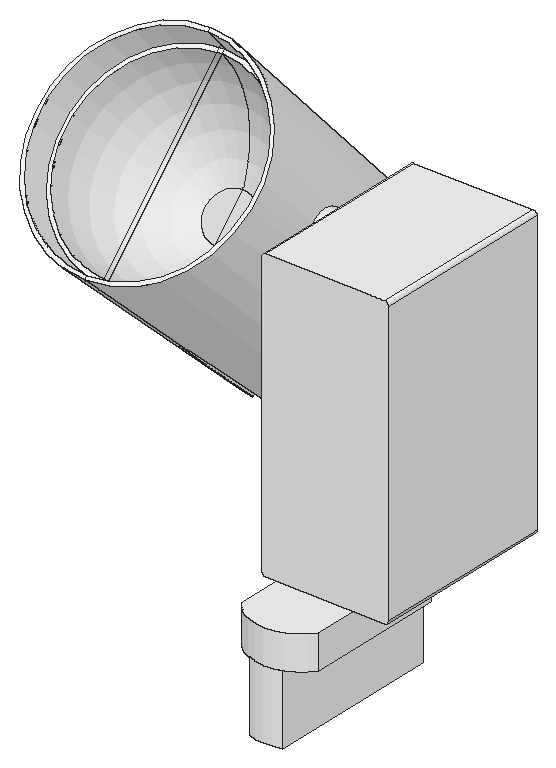
Revit family "0004813 Feilo Sylvania Lighting Fixture START TRACK SPOT S 14W 3K RA80 WB WHITE", category Lighting Fixtures, host Face, Revit 2017
Family settings
  Host = Face
  Round Connector Dimension = Use Diameter
  Part Type = Normal
  OmniClass Number = 23.80.70.00
  OmniClass Title = Lighting
  Cut with Voids When Loaded = No
  Light Source = No
  Shared = No
  Room Calculation Point = No
Parameters (values of type "0004813 START TRACK SPOT S 14W 3K RA80 WB WHITE")
  Weight = "0.94 kg"
  Wattage Comments = ""
  WarrantyStartDate [instance] = "n/a"
  WarrantyGuarantorParts = "n/a"
  WarrantyDurationUnit = "n/a"
  WarrantyDurationParts = "n/a"
  WarrantyDescription = "n/a"
  Voltage = 230 V
  URL = "http://www.sylvania-lighting.com"
  TypeName = "START TRACK SPOT S 14W 3K RA80 WB WHITE"
  TypeHead_FEILO = Start Track Spot Head : 0004813 START TRACK SPOT S 14W 3K RA80 WB WHITE
  TypeBox_FEILO = Start Track Spot Box : Type Small White
  Type Image = <None>
  Type Comments = "n/a"
  VerticalRotation_FEILO [instance] = 0.00°
  SlideEndAngle_FEILO [instance] = VerticalRotation_FEILO + 180.00°  # 180.00°
  SerialNumber [instance] = "n/a"
  Material_3_FEILO = none
  PowerFactor = 0.92
  PowerConsumption = "14 W"
  NominalLength = 0 mm
  NominalHeight = 200 mm
  NominalDepth = 140 mm
  Name = "START TRACK SPOT S 14W 3K RA80 WB WHITE"
  ModelReference = Name  # "START TRACK SPOT S 14W 3K RA80 WB WHITE"
  ModelNumber = "0004813"
  Model = Name  # "START TRACK SPOT S 14W 3K RA80 WB WHITE"
  Material = "adc12 aluminium housing, polycarbonate diffuser"
  ManufacturerName = "Feilo Sylvania"
  Manufacturer = "Feilo Sylvania"
  LuminousEfficacy = "107 lm/W"
  LuminaireType = ""
  LightOutputRatio = "100"
  LampsType = Lamp  # "LED"
  LampNominalLuminous = "1498 lm"
  LampMacAdamStep = "3"
  LampColourTemperature = "3000 K"
  LampColourRenderingIndex = "80"
  Lamp = "LED"
  Keynote = "16500"
  InstallationDate [instance] = "n/a"
  InputVoltage = "230-240V~"
  InputNominalFrequency = "50/60 Hz"
  IngressProtection = "IP20"
  ImpactProtectionIndex = "IK02"
  IfcExportType = "IfcLightFixtureType"
  IfcExportAs = "IfcLightFixtureType"
  HorizontalRotation_FEILO [instance] = 45.00°
  ExpectedLife = 50000
  ElectricShockClassification = "Class II"
  DurationUnit = "hours"
  DocumentationLiterature = "http://www.sylvania-lighting.com/product/en-int/products/0004813"
  DimmingControlOptions = "Non dimmable"
  Material_2_FEILO = none
  Description = "Integrated LED spotlight, Textured White - RAL9016, compact and minimalist design, ideal for retail applications, die-cast aluminium body, passive cooling heatsink. Beam angle: 64°, color temperature: 3000K , total system power: 14W, total fixture output: 1498 lm, LOR: 100%, colour rendering: Ra: 80 typical, LED Chromaticity: 3 step MacAdam ellipse, lifetime: >50000 hours at L70B50, energy class: A++, A+, A, IR/UV free light source without heat radiation, operating voltage: 220-240V / 50-60Hz, drive current: 350mA, electronic driver, non-dimmable, power factor: 0.92, electrical protection: Class II, Global Track 3 Phase adapter suitable for Global trac 3-circuit tracks, ingress protection rating: IP20, suitable for internal environment only, horizontal rotation: 355°, vertical tilt: 90°, dimensions: Ø86x140x200, weight: 0.940kg."
  Default Elevation = 1219.2 mm
  CreatedOn = "12/12/2017"
  CreatedBy = ""
  Cost = 0
  built-in parameter 1114216 [instance] = (empty or 0)
  ClassificationValue = "EF_70_80"
  ClassificationName = "Uniclass2015"
  Material_1_FEILO = Body-Sylvania-StartTrackSpot-White
  BarCode [instance] = "n/a"
  AssetType = "Fixed"
  AssetIdentifier [instance] = "n/a"
  Assembly Code = "D5020200"
  Apparent Load = 14 VA
  Material_4_FEILO = none
Reference planes
  plane 1 "Center (Front/Back)": y = 0
  plane 2: z = 0
  plane 3 "Center (Left/Right)": x = 0
  plane 4: x = 15
  plane 5: x = -15
  plane 6: y = 35
  plane 7: y = -35
  plane 8: z = 13
  plane 9: z = -27
  plane 10: x = 6.5
  plane 11: x = -6.5
  plane 12: y = 27
  plane 13: y = -27
  plane 14: y = 20
Forms (mm)
  Extrusion 1, solid, material "Body-Sylvania-StartTrackSpot-White" <- "Material_1_FEILO"
    sketch origin (0, 0, 0) x (1, 0, 0) y (0, 1, 0)
      loop
        line (-15, 27) -> (-15, -27)
        arc (-15, -27) -> (0, -35) -> (15, -27) r 18.062
        line (15, -27) -> (15, 27)
        arc (15, 27) -> (0, 35) -> (-15, 27) r 18.062
    from 0 to 13
  Extrusion 2, solid, material "Body-Sylvania-StartTrackSpot-White" <- "Material_1_FEILO"
    sketch origin (0, 0, 0) x (1, 0, 0) y (0, 1, 0)
      loop
        arc (6.5, 33.79) -> (0, 35) -> (-6.5, 33.79) r 18.062
        line (-6.5, 33.79) -> (-6.5, -33.79)
        arc (-6.5, -33.79) -> (0, -35) -> (6.5, -33.79) r 18.062
        line (6.5, -33.79) -> (6.5, 33.79)
    from 0 to -27
  Revolve 3, solid, not visible
    sketch origin (1524, 20, 1219.2) x (1, 0, 0) y (0, 0, 1)
      loop
        line (-1524, -1206.2) -> (-1524, -1191.285) -> (-1530.5, -1191.285) -> (-1530.5, -1206.2) -> (-1524, -1206.2)
      axis (-1524, -1191.285) -> (-1524, -1206.2)
    angle from 0 <- "VerticalRotation_FEILO" to 180 <- "SlideEndAngle_FEILO"
Cuts and joins
  joined: Extrusion 1, Extrusion 2
Dimensions and locks
  equal spacing: plane 10, plane 3 "Center (Left/Right)", plane 11
  equal spacing: plane 4, plane 3 "Center (Left/Right)", plane 5
  locked: plane 8 to plane 2 at 13
  locked: plane 8 to plane 9 at 40
  equal spacing: plane 13, plane 1 "Center (Front/Back)", plane 12
  locked: plane 12 to plane 6 at 8
  locked: plane 14 to plane 6 at 15
  locked: Revolve 3 sketch curve to plane 8 at 14.915
  aligned and locked: plane 2 to host face
  aligned and locked: level to host face
  aligned and locked: plane 5 to Extrusion 1 sketch curve  (x2)
  aligned and locked: plane 12 to Extrusion 1 sketch curve
  aligned and locked: plane 13 to Extrusion 1 sketch curve
  aligned and locked: plane 4 to Extrusion 1 sketch curve
  aligned and locked: Extrusion 1 to plane 8
  aligned and locked: Extrusion 1 to level
  aligned and locked: Extrusion 2 sketch curve to Extrusion 1  (x2)
  aligned and locked: Extrusion 2 sketch curve to plane 11
  aligned and locked: plane 10 to Extrusion 2 sketch curve
  aligned and locked: plane 9 to Extrusion 2
  aligned and locked: level to Extrusion 2
  aligned and locked: Revolve 3 sketch curve to plane 3 "Center (Left/Right)"  (x2)
  aligned and locked: plane 11 to Revolve 3 sketch curve
  aligned and locked: Revolve 3 sketch curve to plane 8
Automatic sketch dimensions
  host sketch curve to host sketch curve = 2438.4 mm  (x2)
  Extrusion 1 sketch curve to plane 3 "Center (Left/Right)" = 0 mm  (x2)
  Extrusion 1 sketch curve to plane 13 = 10.062 mm
  plane 12 to Extrusion 1 sketch curve = 10.062 mm
  Revolve 3 sketch curve to plane 3 "Center (Left/Right)" = 0 mm
  plane 9 to Revolve 3 sketch curve = 582.6 mm
  Revolve 3 sketch curve to Revolve 3 sketch curve = 2581.144 mm
Nested families
  nested 1: "Start Track Spot Head" at (-62, 20, 112.529) x (0, 0.7071, 0.7071) z (0, 0.7071, -0.7071), type <- "TypeHead_FEILO", type "0004813 START TRACK SPOT S 14W 3K RA80 WB WHITE"
    with built-in parameter 1114216 (empty or 0)
  nested 2: "Start Track Spot Box" at (8.5, 20, 73) x (-1, 0, 0) z (0, -1, 0), BoxStartAngle_FEILO <- "HorizontalRotation_FEILO", type <- "TypeBox_FEILO", type "Type Small White"
    with BoxStartAngle_FEILO 45.00°, BoxEndAngle_FEILO -135.00°
Connectors
  electrical at (0, 0, 0), driven by "Apparent Load", driven by "PowerFactor", driven by "Voltage"
    settings: index 1, voltage 230 V, apparent load 14 VA, apparent load phase1 0 VA, apparent load phase2 0 VA, apparent load phase3 0 VA, power factor 0.92, load classification "Lighting", number of poles 1, system type 30, power factor state 1, is connector primary yes, connector utility no, sub classification motor no, connector description ""
Definition of nested family "Start Track Spot Head"
  Parameters (values of type "0004811 START TRACK SPOT S 14W 3K RA80 NB WHITE")
    Wattage Comments = "n/a"
    Wattage = 14 W
    built-in parameter 1150110 = 1 (stored number, unit not read)
    URL = "http://www.feilosylvania.com"
    Type Image = (empty or 0)
    Type Comments = "n/a"
    built-in parameter 1114217 = 1 (stored number, unit not read)
    Tilt Angle = -90.00°
    built-in parameter 1150109 = 1 (stored number, unit not read)
    built-in parameter 1150134 = (empty or 0)
    built-in parameter 1150113 = 1 (stored number, unit not read)
    Photometric Web File = "0004811.ies"
    Material_3_FEILO = none
    Model = "START TRACK SPOT S 14W 3K RA80 NB WHITE"
    Manufacturer = "Feilo Sylvania"
    built-in parameter 1150105 = 123.66 (stored number, unit not read)
    Lumens = 1554 lm
    built-in parameter 1150115 = 1 (stored number, unit not read)
    built-in parameter 1150137 = (empty or 0)
    built-in parameter 1150139 = (empty or 0)
    built-in parameter 1150112 = 1 (stored number, unit not read)
    built-in parameter 1150114 = 1 (stored number, unit not read)
    Lamp = "LED"
    Keynote = "16500"
    Material_2_FEILO = none
    built-in parameter 1150132 = (empty or 0)
    built-in parameter 1150102 = (empty or 0)
    built-in parameter 1150107 = 3000 (stored number, unit not read)
    built-in parameter 1150138 = (empty or 0)
    built-in parameter 1150106 = 1.2366 (stored number, unit not read)
    HeadThickness_FEILO = if(HeadDiaOut_FEILO > 112 mm, 2 mm, 1.5 mm)  # 1.5 mm
    HeadRibOffset_FEILO = HeadHeight_FEILO / 28  # 4.179 mm
    HeadRibDepth_FEILO = HeadHeight_FEILO / 2.1  # 55.714 mm
    HeadRibCutWidth_FEILO = HeadDiaOut_FEILO / 12  # 7.167 mm
    HeadRibCutOffset_FEILO = HeadHeight_FEILO / 2.3  # 50.87 mm
    HeadReflectorRadius_FEILO = HeadDiaOut_FEILO / 1.7  # 50.588 mm
    HeadReflectorOffset_FEILO = HeadHeight_FEILO / 2.1  # 55.714 mm
    HeadLEDRadius_FEILO = HeadDiaOut_FEILO / 9  # 9.556 mm
    HeadHeight_FEILO = 117 mm
    HeadDraft_FEILO = 1 mm
    HeadDiffusorThickness_FEILO = 3 mm
    HeadDiffusorOffset_FEILO = HeadHeight_FEILO / 12.4  # 9.435 mm
    HeadDiaOut_FEILO = 86 mm
    HeadDiaIn_FEILO = HeadDiaOut_FEILO / 1.11  # 77.477 mm
    HeadAxisFromTop_FEILO = HeadHeight_FEILO / 1.687  # 69.354 mm
    Emit from Circle Diameter = HeadDiaIn_FEILO  # 77.477 mm
    Emit Shape Visible in Rendering = no
    built-in parameter 1150104 = 10.312 (stored number, unit not read)
    Dimming Lamp Color Temperature Shift = (empty or 0)
    Description = "Integrated LED spotlight, Textured White - RAL9016, compact and minimalist design, ideal for retail applications, die-cast aluminium body, passive cooling heatsink. Beam angle: 12°, color temperature: 3000K , total system power: 14W, total fixture output: 1551 lm, LOR: 100%, colour rendering: Ra: 80 typical, LED Chromaticity: 3 step MacAdam ellipse, lifetime: >50000 hours at L70B50, energy class: A++, A+, A, IR/UV free light source without heat radiation, operating voltage: 220-240V / 50-60Hz, drive current: 350mA, electronic driver, non-dimmable, power factor: 0.92, electrical protection: Class II, Global Track 3 Phase adapter suitable for Global trac 3-circuit tracks, ingress protection rating: IP20, suitable for internal environment only, horizontal rotation: 355°, vertical tilt: 90°, dimensions: Ø86x140x200, weight: 0.940kg."
    Default Elevation = 1219.2 mm
    Cost = 0
    Color Filter = 16777215
    built-in parameter 1114216 [instance] = (empty or 0)
    Material_1_FEILO = none
    built-in parameter 1114218 = 1 (stored number, unit not read)
    built-in parameter 1150133 = 10 (stored number, unit not read)
    Assembly Code = "D5020200"
    Apparent Load = 14 VA
    Material_4_FEILO = none
  Types (96, lengths in mm): name | Wattage | built-in parameter 1150134 | Photometric Web File | Model | built-in parameter 1150105 | Lumens | built-in parameter 1150107 | built-in parameter 1150106 | HeadThickness_FEILO | HeadRibOffset_FEILO | HeadRibDepth_FEILO | HeadRibCutWidth_FEILO | HeadRibCutOffset_FEILO | HeadReflectorRadius_FEILO | HeadReflectorOffset_FEILO | HeadLEDRadius_FEILO | HeadHeight_FEILO | HeadDiffusorOffset_FEILO | HeadDiaOut_FEILO | HeadDiaIn_FEILO | HeadAxisFromTop_FEILO | Emit from Circle Diameter | built-in parameter 1150104 | Description | Apparent Load
    0004906 START TRACK SPOT L 55W 4K RA90 WB BLACK | 55 W | 12 | "0004906.ies" | "START TRACK SPOT L 55W 4K RA90 WB BLACK" | 385.15 (stored number, unit not read) | 4840 lm | 4000 (stored number, unit not read) | 3.8515 (stored number, unit not read) | 2 | 4.429 | 59.048 | 9.417 | 53.913 | 66.471 | 59.048 | 12.556 | 124 | 10 | 113 | 101.802 | 73.503 | 101.802 | 8.1755 (stored number, unit not read) | "Integrated LED spotlight, Textured Black - RAL9005, compact and minimalist design, ideal for retail applications, die-cast aluminium body, passive cooling heatsink. Beam angle: 52°, color temperature: 4000K , total system power: 55W, total fixture output: 4824 lm, LOR: 100%, colour rendering: Ra: 90 typical, LED Chromaticity: 3 step MacAdam ellipse, lifetime: >50000 hours at L70B50, energy class: A++, A+, A, IR/UV free light source without heat radiation, operating voltage: 220-240V / 50-60Hz, drive current: 1400mA, electronic driver, non-dimmable, power factor: 0.96, electrical protection: Class II, Global Track 3 Phase adapter suitable for Global trac 3-circuit tracks, ingress protection rating: IP20, suitable for internal environment only, horizontal rotation: 355°, vertical tilt: 90°, dimensions: Ø113x164x240, weight: 1.398kg." | 55 VA
    0004905 START TRACK SPOT L 55W 4K RA90 MB BLACK | 55 W | 12 | "0004905.ies" | "START TRACK SPOT L 55W 4K RA90 MB BLACK" | 389.53 (stored number, unit not read) | 4895 lm | 4000 (stored number, unit not read) | 3.8953 (stored number, unit not read) | 2 | 4.429 | 59.048 | 9.417 | 53.913 | 66.471 | 59.048 | 12.556 | 124 | 10 | 113 | 101.802 | 73.503 | 101.802 | 8.2684 (stored number, unit not read) | "Integrated LED spotlight, Textured Black - RAL9005, compact and minimalist design, ideal for retail applications, die-cast aluminium body, passive cooling heatsink. Beam angle: 38°, color temperature: 4000K , total system power: 55W, total fixture output: 4897 lm, LOR: 100%, colour rendering: Ra: 90 typical, LED Chromaticity: 3 step MacAdam ellipse, lifetime: >50000 hours at L70B50, energy class: A++, A+, A, IR/UV free light source without heat radiation, operating voltage: 220-240V / 50-60Hz, drive current: 1400mA, electronic driver, non-dimmable, power factor: 0.96, electrical protection: Class II, Global Track 3 Phase adapter suitable for Global trac 3-circuit tracks, ingress protection rating: IP20, suitable for internal environment only, horizontal rotation: 355°, vertical tilt: 90°, dimensions: Ø113x164x240, weight: 1.398kg." | 55 VA
    0004904 START TRACK SPOT L 55W 4K RA90 NB BLACK | 55 W | 12 | "0004904.ies" | "START TRACK SPOT L 55W 4K RA90 NB BLACK" | 393.91 (stored number, unit not read) | 4950 lm | 4000 (stored number, unit not read) | 3.9391 (stored number, unit not read) | 2 | 4.429 | 59.048 | 9.417 | 53.913 | 66.471 | 59.048 | 12.556 | 124 | 10 | 113 | 101.802 | 73.503 | 101.802 | 8.3613 (stored number, unit not read) | "Integrated LED spotlight, Textured Black - RAL9005, compact and minimalist design, ideal for retail applications, die-cast aluminium body, passive cooling heatsink. Beam angle: 15°, color temperature: 4000K , total system power: 55W, total fixture output: 4965 lm, LOR: 100%, colour rendering: Ra: 90 typical, LED Chromaticity: 3 step MacAdam ellipse, lifetime: >50000 hours at L70B50, energy class: A++, A+, A, IR/UV free light source without heat radiation, operating voltage: 220-240V / 50-60Hz, drive current: 1400mA, electronic driver, non-dimmable, power factor: 0.96, electrical protection: Class II, Global Track 3 Phase adapter suitable for Global trac 3-circuit tracks, ingress protection rating: IP20, suitable for internal environment only, horizontal rotation: 355°, vertical tilt: 90°, dimensions: Ø113x164x240, weight: 1.398kg." | 55 VA
    0004903 START TRACK SPOT L 35W 4K RA90 WB BLACK | 35 W | 12 | "0004903.ies" | "START TRACK SPOT L 35W 4K RA90 WB BLACK" | 284.09 (stored number, unit not read) | 3570 lm | 4000 (stored number, unit not read) | 2.8409 (stored number, unit not read) | 2 | 4.429 | 59.048 | 9.417 | 53.913 | 66.471 | 59.048 | 12.556 | 124 | 10 | 113 | 101.802 | 73.503 | 101.802 | 9.4761 (stored number, unit not read) | "Integrated LED spotlight, Textured Black - RAL9005, compact and minimalist design, ideal for retail applications, die-cast aluminium body, passive cooling heatsink. Beam angle: 52°, color temperature: 4000K , total system power: 35W, total fixture output: 3562 lm, LOR: 100%, colour rendering: Ra: 90 typical, LED Chromaticity: 3 step MacAdam ellipse, lifetime: >50000 hours at L70B50, energy class: A++, A+, A, IR/UV free light source without heat radiation, operating voltage: 220-240V / 50-60Hz, drive current: 900mA, electronic driver, non-dimmable, power factor: 0.93, electrical protection: Class II, Global Track 3 Phase adapter suitable for Global trac 3-circuit tracks, ingress protection rating: IP20, suitable for internal environment only, horizontal rotation: 355°, vertical tilt: 90°, dimensions: Ø113x164x240, weight: 1.368kg." | 35 VA
    0004902 START TRACK SPOT L 35W 4K RA90 MB BLACK | 35 W | 12 | "0004902.ies" | "START TRACK SPOT L 35W 4K RA90 MB BLACK" | 286.88 (stored number, unit not read) | 3605 lm | 4000 (stored number, unit not read) | 2.8688 (stored number, unit not read) | 2 | 4.429 | 59.048 | 9.417 | 53.913 | 66.471 | 59.048 | 12.556 | 124 | 10 | 113 | 101.802 | 73.503 | 101.802 | 9.569 (stored number, unit not read) | "Integrated LED spotlight, Textured Black - RAL9005, compact and minimalist design, ideal for retail applications, die-cast aluminium body, passive cooling heatsink. Beam angle: 38°, color temperature: 4000K , total system power: 35W, total fixture output: 3616 lm, LOR: 100%, colour rendering: Ra: 90 typical, LED Chromaticity: 3 step MacAdam ellipse, lifetime: >50000 hours at L70B50, energy class: A++, A+, A, IR/UV free light source without heat radiation, operating voltage: 220-240V / 50-60Hz, drive current: 900mA, electronic driver, non-dimmable, power factor: 0.93, electrical protection: Class II, Global Track 3 Phase adapter suitable for Global trac 3-circuit tracks, ingress protection rating: IP20, suitable for internal environment only, horizontal rotation: 355°, vertical tilt: 90°, dimensions: Ø113x164x240, weight: 1.368kg." | 35 VA
    0004901 START TRACK SPOT L 35W 4K RA90 NB BLACK | 35 W | 12 | "0004901.ies" | "START TRACK SPOT L 35W 4K RA90 NB BLACK" | 286.88 (stored number, unit not read) | 3605 lm | 4000 (stored number, unit not read) | 2.8688 (stored number, unit not read) | 2 | 4.429 | 59.048 | 9.417 | 53.913 | 66.471 | 59.048 | 12.556 | 124 | 10 | 113 | 101.802 | 73.503 | 101.802 | 9.569 (stored number, unit not read) | "Integrated LED spotlight, Textured Black - RAL9005, compact and minimalist design, ideal for retail applications, die-cast aluminium body, passive cooling heatsink. Beam angle: 15°, color temperature: 4000K , total system power: 35W, total fixture output: 3593 lm, LOR: 100%, colour rendering: Ra: 90 typical, LED Chromaticity: 3 step MacAdam ellipse, lifetime: >50000 hours at L70B50, energy class: A++, A+, A, IR/UV free light source without heat radiation, operating voltage: 220-240V / 50-60Hz, drive current: 900mA, electronic driver, non-dimmable, power factor: 0.93, electrical protection: Class II, Global Track 3 Phase adapter suitable for Global trac 3-circuit tracks, ingress protection rating: IP20, suitable for internal environment only, horizontal rotation: 355°, vertical tilt: 90°, dimensions: Ø113x164x240, weight: 1.368kg." | 35 VA
    0004900 START TRACK SPOT S 24W 4K RA90 WB BLACK | 24 W | 12 | "0004900.ies" | "START TRACK SPOT S 24W 4K RA90 WB BLACK" | 166.16 (stored number, unit not read) | 2088 lm | 4000 (stored number, unit not read) | 1.6616 (stored number, unit not read) | 1.5 | 4.179 | 55.714 | 7.167 | 50.87 | 50.588 | 55.714 | 9.556 | 117 | 9.435 | 86 | 77.477 | 69.354 | 77.477 | 8.0826 (stored number, unit not read) | "Integrated LED spotlight, Textured Black - RAL9005, compact and minimalist design, ideal for retail applications, die-cast aluminium body, passive cooling heatsink. Beam angle: 64°, color temperature: 4000K , total system power: 24W, total fixture output: 2087 lm, LOR: 100%, colour rendering: Ra: 90 typical, LED Chromaticity: 3 step MacAdam ellipse, lifetime: >50000 hours at L70B50, energy class: A++, A+, A, IR/UV free light source without heat radiation, operating voltage: 220-240V / 50-60Hz, drive current: 600mA, electronic driver, non-dimmable, power factor: 0.95, electrical protection: Class II, Global Track 3 Phase adapter suitable for Global trac 3-circuit tracks, ingress protection rating: IP20, suitable for internal environment only, horizontal rotation: 355°, vertical tilt: 90°, dimensions: Ø86x140x200, weight: 0.966kg." | 24 VA
    0004899 START TRACK SPOT S 24W 4K RA90 MB BLACK | 24 W | 12 | "0004899.ies" | "START TRACK SPOT S 24W 4K RA90 MB BLACK" | 169.98 (stored number, unit not read) | 2136 lm | 4000 (stored number, unit not read) | 1.6998 (stored number, unit not read) | 1.5 | 4.179 | 55.714 | 7.167 | 50.87 | 50.588 | 55.714 | 9.556 | 117 | 9.435 | 86 | 77.477 | 69.354 | 77.477 | 8.2684 (stored number, unit not read) | "Integrated LED spotlight, Textured Black - RAL9005, compact and minimalist design, ideal for retail applications, die-cast aluminium body, passive cooling heatsink. Beam angle: 36°, color temperature: 4000K , total system power: 24W, total fixture output: 2141 lm, LOR: 100%, colour rendering: Ra: 90 typical, LED Chromaticity: 3 step MacAdam ellipse, lifetime: >50000 hours at L70B50, energy class: A++, A+, A, IR/UV free light source without heat radiation, operating voltage: 220-240V / 50-60Hz, drive current: 600mA, electronic driver, non-dimmable, power factor: 0.95, electrical protection: Class II, Global Track 3 Phase adapter suitable for Global trac 3-circuit tracks, ingress protection rating: IP20, suitable for internal environment only, horizontal rotation: 355°, vertical tilt: 90°, dimensions: Ø86x140x200, weight: 0.966kg." | 24 VA
    0004898 START TRACK SPOT S 24W 4K RA90 NB BLACK | 24 W | 12 | "0004898.ies" | "START TRACK SPOT S 24W 4K RA90 NB BLACK" | 171.89 (stored number, unit not read) | 2160 lm | 4000 (stored number, unit not read) | 1.7189 (stored number, unit not read) | 1.5 | 4.179 | 55.714 | 7.167 | 50.87 | 50.588 | 55.714 | 9.556 | 117 | 9.435 | 86 | 77.477 | 69.354 | 77.477 | 8.3613 (stored number, unit not read) | "Integrated LED spotlight, Textured Black - RAL9005, compact and minimalist design, ideal for retail applications, die-cast aluminium body, passive cooling heatsink. Beam angle: 12°, color temperature: 4000K , total system power: 24W, total fixture output: 2155 lm, LOR: 100%, colour rendering: Ra: 90 typical, LED Chromaticity: 3 step MacAdam ellipse, lifetime: >50000 hours at L70B50, energy class: A++, A+, A, IR/UV free light source without heat radiation, operating voltage: 220-240V / 50-60Hz, drive current: 600mA, electronic driver, non-dimmable, power factor: 0.95, electrical protection: Class II, Global Track 3 Phase adapter suitable for Global trac 3-circuit tracks, ingress protection rating: IP20, suitable for internal environment only, horizontal rotation: 355°, vertical tilt: 90°, dimensions: Ø86x140x200, weight: 0.966kg." | 24 VA
    0004897 START TRACK SPOT S 14W 4K RA90 WB BLACK | 14 W | 12 | "0004897.ies" | "START TRACK SPOT S 14W 4K RA90 WB BLACK" | 108.07 (stored number, unit not read) | 1358 lm | 4000 (stored number, unit not read) | 1.0807 (stored number, unit not read) | 1.5 | 4.179 | 55.714 | 7.167 | 50.87 | 50.588 | 55.714 | 9.556 | 117 | 9.435 | 86 | 77.477 | 69.354 | 77.477 | 9.0116 (stored number, unit not read) | "Integrated LED spotlight, Textured Black - RAL9005, compact and minimalist design, ideal for retail applications, die-cast aluminium body, passive cooling heatsink. Beam angle: 64°, color temperature: 4000K , total system power: 14W, total fixture output: 1352 lm, LOR: 100%, colour rendering: Ra: 90 typical, LED Chromaticity: 3 step MacAdam ellipse, lifetime: >50000 hours at L70B50, energy class: A++, A+, A, IR/UV free light source without heat radiation, operating voltage: 220-240V / 50-60Hz, drive current: 350mA, electronic driver, non-dimmable, power factor: 0.92, electrical protection: Class II, Global Track 3 Phase adapter suitable for Global trac 3-circuit tracks, ingress protection rating: IP20, suitable for internal environment only, horizontal rotation: 355°, vertical tilt: 90°, dimensions: Ø86x140x200, weight: 0.940kg." | 14 VA
    0004896 START TRACK SPOT S 14W 4K RA90 MB BLACK | 14 W | 12 | "0004896.ies" | "START TRACK SPOT S 14W 4K RA90 MB BLACK" | 108.07 (stored number, unit not read) | 1358 lm | 4000 (stored number, unit not read) | 1.0807 (stored number, unit not read) | 1.5 | 4.179 | 55.714 | 7.167 | 50.87 | 50.588 | 55.714 | 9.556 | 117 | 9.435 | 86 | 77.477 | 69.354 | 77.477 | 9.0116 (stored number, unit not read) | "Integrated LED spotlight, Textured Black - RAL9005, compact and minimalist design, ideal for retail applications, die-cast aluminium body, passive cooling heatsink. Beam angle: 36°, color temperature: 4000K , total system power: 14W, total fixture output: 1359 lm, LOR: 100%, colour rendering: Ra: 90 typical, LED Chromaticity: 3 step MacAdam ellipse, lifetime: >50000 hours at L70B50, energy class: A++, A+, A, IR/UV free light source without heat radiation, operating voltage: 220-240V / 50-60Hz, drive current: 350mA, electronic driver, non-dimmable, power factor: 0.92, electrical protection: Class II, Global Track 3 Phase adapter suitable for Global trac 3-circuit tracks, ingress protection rating: IP20, suitable for internal environment only, horizontal rotation: 355°, vertical tilt: 90°, dimensions: Ø86x140x200, weight: 0.940kg." | 14 VA
    0004895 START TRACK SPOT S 14W 4K RA90 NB BLACK | 14 W | 12 | "0004895.ies" | "START TRACK SPOT S 14W 4K RA90 NB BLACK" | 106.95 (stored number, unit not read) | 1344 lm | 4000 (stored number, unit not read) | 1.0695 (stored number, unit not read) | 1.5 | 4.179 | 55.714 | 7.167 | 50.87 | 50.588 | 55.714 | 9.556 | 117 | 9.435 | 86 | 77.477 | 69.354 | 77.477 | 8.9187 (stored number, unit not read) | "Integrated LED spotlight, Textured Black - RAL9005, compact and minimalist design, ideal for retail applications, die-cast aluminium body, passive cooling heatsink. Beam angle: 12°, color temperature: 4000K , total system power: 14W, total fixture output: 1349 lm, LOR: 100%, colour rendering: Ra: 90 typical, LED Chromaticity: 3 step MacAdam ellipse, lifetime: >50000 hours at L70B50, energy class: A++, A+, A, IR/UV free light source without heat radiation, operating voltage: 220-240V / 50-60Hz, drive current: 350mA, electronic driver, non-dimmable, power factor: 0.92, electrical protection: Class II, Global Track 3 Phase adapter suitable for Global trac 3-circuit tracks, ingress protection rating: IP20, suitable for internal environment only, horizontal rotation: 355°, vertical tilt: 90°, dimensions: Ø86x140x200, weight: 0.940kg." | 14 VA
    0004894 START TRACK SPOT L 55W 3K RA90 WB BLACK | 55 W | (empty or 0) | "0004894.ies" | "START TRACK SPOT L 55W 3K RA90 WB BLACK" | 350.14 (stored number, unit not read) | 4400 lm | 3000 (stored number, unit not read) | 3.5014 (stored number, unit not read) | 2 | 4.429 | 59.048 | 9.417 | 53.913 | 66.471 | 59.048 | 12.556 | 124 | 10 | 113 | 101.802 | 73.503 | 101.802 | 7.4322 (stored number, unit not read) | "Integrated LED spotlight, Textured Black - RAL9005, compact and minimalist design, ideal for retail applications, die-cast aluminium body, passive cooling heatsink. Beam angle: 52°, color temperature: 3000K , total system power: 55W, total fixture output: 4405 lm, LOR: 100%, colour rendering: Ra: 90 typical, LED Chromaticity: 3 step MacAdam ellipse, lifetime: >50000 hours at L70B50, energy class: A++, A+, A, IR/UV free light source without heat radiation, operating voltage: 220-240V / 50-60Hz, drive current: 1400mA, electronic driver, non-dimmable, power factor: 0.96, electrical protection: Class II, Global Track 3 Phase adapter suitable for Global trac 3-circuit tracks, ingress protection rating: IP20, suitable for internal environment only, horizontal rotation: 355°, vertical tilt: 90°, dimensions: Ø113x164x240, weight: 1.398kg." | 55 VA
    0004893 START TRACK SPOT L 55W 3K RA90 MB BLACK | 55 W | (empty or 0) | "0004893.ies" | "START TRACK SPOT L 55W 3K RA90 MB BLACK" | 354.52 (stored number, unit not read) | 4455 lm | 3000 (stored number, unit not read) | 3.5452 (stored number, unit not read) | 2 | 4.429 | 59.048 | 9.417 | 53.913 | 66.471 | 59.048 | 12.556 | 124 | 10 | 113 | 101.802 | 73.503 | 101.802 | 7.5251 (stored number, unit not read) | "Integrated LED spotlight, Textured Black - RAL9005, compact and minimalist design, ideal for retail applications, die-cast aluminium body, passive cooling heatsink. Beam angle: 38°, color temperature: 3000K , total system power: 55W, total fixture output: 4448 lm, LOR: 100%, colour rendering: Ra: 90 typical, LED Chromaticity: 3 step MacAdam ellipse, lifetime: >50000 hours at L70B50, energy class: A++, A+, A, IR/UV free light source without heat radiation, operating voltage: 220-240V / 50-60Hz, drive current: 1400mA, electronic driver, non-dimmable, power factor: 0.96, electrical protection: Class II, Global Track 3 Phase adapter suitable for Global trac 3-circuit tracks, ingress protection rating: IP20, suitable for internal environment only, horizontal rotation: 355°, vertical tilt: 90°, dimensions: Ø113x164x240, weight: 1.398kg." | 55 VA
    0004892 START TRACK SPOT L 55W 3K RA90 NB BLACK | 55 W | (empty or 0) | "0004892.ies" | "START TRACK SPOT L 55W 3K RA90 NB BLACK" | 350.14 (stored number, unit not read) | 4400 lm | 3000 (stored number, unit not read) | 3.5014 (stored number, unit not read) | 2 | 4.429 | 59.048 | 9.417 | 53.913 | 66.471 | 59.048 | 12.556 | 124 | 10 | 113 | 101.802 | 73.503 | 101.802 | 7.4322 (stored number, unit not read) | "Integrated LED spotlight, Textured Black - RAL9005, compact and minimalist design, ideal for retail applications, die-cast aluminium body, passive cooling heatsink. Beam angle: 15°, color temperature: 3000K , total system power: 55W, total fixture output: 4416 lm, LOR: 100%, colour rendering: Ra: 90 typical, LED Chromaticity: 3 step MacAdam ellipse, lifetime: >50000 hours at L70B50, energy class: A++, A+, A, IR/UV free light source without heat radiation, operating voltage: 220-240V / 50-60Hz, drive current: 1400mA, electronic driver, non-dimmable, power factor: 0.96, electrical protection: Class II, Global Track 3 Phase adapter suitable for Global trac 3-circuit tracks, ingress protection rating: IP20, suitable for internal environment only, horizontal rotation: 355°, vertical tilt: 90°, dimensions: Ø113x164x240, weight: 1.398kg." | 55 VA
    0004891 START TRACK SPOT L 35W 3K RA90 WB BLACK | 35 W | (empty or 0) | "0004891.ies" | "START TRACK SPOT L 35W 3K RA90 WB BLACK" | 259.02 (stored number, unit not read) | 3255 lm | 3000 (stored number, unit not read) | 2.5902 (stored number, unit not read) | 2 | 4.429 | 59.048 | 9.417 | 53.913 | 66.471 | 59.048 | 12.556 | 124 | 10 | 113 | 101.802 | 73.503 | 101.802 | 8.64 (stored number, unit not read) | "Integrated LED spotlight, Textured Black - RAL9005, compact and minimalist design, ideal for retail applications, die-cast aluminium body, passive cooling heatsink. Beam angle: 52°, color temperature: 3000K , total system power: 35W, total fixture output: 3260 lm, LOR: 100%, colour rendering: Ra: 90 typical, LED Chromaticity: 3 step MacAdam ellipse, lifetime: >50000 hours at L70B50, energy class: A++, A+, A, IR/UV free light source without heat radiation, operating voltage: 220-240V / 50-60Hz, drive current: 900mA, electronic driver, non-dimmable, power factor: 0.93, electrical protection: Class II, Global Track 3 Phase adapter suitable for Global trac 3-circuit tracks, ingress protection rating: IP20, suitable for internal environment only, horizontal rotation: 355°, vertical tilt: 90°, dimensions: Ø113x164x240, weight: 1.368kg." | 35 VA
    0004890 START TRACK SPOT L 35W 3K RA90 MB BLACK | 35 W | (empty or 0) | "0004890.ies" | "START TRACK SPOT L 35W 3K RA90 MB BLACK" | 261.81 (stored number, unit not read) | 3290 lm | 3000 (stored number, unit not read) | 2.6181 (stored number, unit not read) | 2 | 4.429 | 59.048 | 9.417 | 53.913 | 66.471 | 59.048 | 12.556 | 124 | 10 | 113 | 101.802 | 73.503 | 101.802 | 8.7329 (stored number, unit not read) | "Integrated LED spotlight, Textured Black - RAL9005, compact and minimalist design, ideal for retail applications, die-cast aluminium body, passive cooling heatsink. Beam angle: 38°, color temperature: 3000K , total system power: 35W, total fixture output: 3306 lm, LOR: 100%, colour rendering: Ra: 90 typical, LED Chromaticity: 3 step MacAdam ellipse, lifetime: >50000 hours at L70B50, energy class: A++, A+, A, IR/UV free light source without heat radiation, operating voltage: 220-240V / 50-60Hz, drive current: 900mA, electronic driver, non-dimmable, power factor: 0.93, electrical protection: Class II, Global Track 3 Phase adapter suitable for Global trac 3-circuit tracks, ingress protection rating: IP20, suitable for internal environment only, horizontal rotation: 355°, vertical tilt: 90°, dimensions: Ø113x164x240, weight: 1.368kg." | 35 VA
    0004889 START TRACK SPOT L 35W 3K RA90 NB BLACK | 35 W | (empty or 0) | "0004889.ies" | "START TRACK SPOT L 35W 3K RA90 NB BLACK" | 261.81 (stored number, unit not read) | 3290 lm | 3000 (stored number, unit not read) | 2.6181 (stored number, unit not read) | 2 | 4.429 | 59.048 | 9.417 | 53.913 | 66.471 | 59.048 | 12.556 | 124 | 10 | 113 | 101.802 | 73.503 | 101.802 | 8.7329 (stored number, unit not read) | "Integrated LED spotlight, Textured Black - RAL9005, compact and minimalist design, ideal for retail applications, die-cast aluminium body, passive cooling heatsink. Beam angle: 15°, color temperature: 3000K , total system power: 35W, total fixture output: 3287 lm, LOR: 100%, colour rendering: Ra: 90 typical, LED Chromaticity: 3 step MacAdam ellipse, lifetime: >50000 hours at L70B50, energy class: A++, A+, A, IR/UV free light source without heat radiation, operating voltage: 220-240V / 50-60Hz, drive current: 900mA, electronic driver, non-dimmable, power factor: 0.93, electrical protection: Class II, Global Track 3 Phase adapter suitable for Global trac 3-circuit tracks, ingress protection rating: IP20, suitable for internal environment only, horizontal rotation: 355°, vertical tilt: 90°, dimensions: Ø113x164x240, weight: 1.368kg." | 35 VA
    0004888 START TRACK SPOT S 24W 3K RA90 WB BLACK | 24 W | (empty or 0) | "0004888.ies" | "START TRACK SPOT S 24W 3K RA90 WB BLACK" | 152.79 (stored number, unit not read) | 1920 lm | 3000 (stored number, unit not read) | 1.5279 (stored number, unit not read) | 1.5 | 4.179 | 55.714 | 7.167 | 50.87 | 50.588 | 55.714 | 9.556 | 117 | 9.435 | 86 | 77.477 | 69.354 | 77.477 | 7.4322 (stored number, unit not read) | "Integrated LED spotlight, Textured Black - RAL9005, compact and minimalist design, ideal for retail applications, die-cast aluminium body, passive cooling heatsink. Beam angle: 64°, color temperature: 3000K , total system power: 24W, total fixture output: 1928 lm, LOR: 100%, colour rendering: Ra: 90 typical, LED Chromaticity: 3 step MacAdam ellipse, lifetime: >50000 hours at L70B50, energy class: A++, A+, A, IR/UV free light source without heat radiation, operating voltage: 220-240V / 50-60Hz, drive current: 600mA, electronic driver, non-dimmable, power factor: 0.95, electrical protection: Class II, Global Track 3 Phase adapter suitable for Global trac 3-circuit tracks, ingress protection rating: IP20, suitable for internal environment only, horizontal rotation: 355°, vertical tilt: 90°, dimensions: Ø86x140x200, weight: 0.966kg." | 24 VA
    0004887 START TRACK SPOT S 24W 3K RA90 MB BLACK | 24 W | (empty or 0) | "0004887.ies" | "START TRACK SPOT S 24W 3K RA90 MB BLACK" | 154.7 (stored number, unit not read) | 1944 lm | 3000 (stored number, unit not read) | 1.547 (stored number, unit not read) | 1.5 | 4.179 | 55.714 | 7.167 | 50.87 | 50.588 | 55.714 | 9.556 | 117 | 9.435 | 86 | 77.477 | 69.354 | 77.477 | 7.5251 (stored number, unit not read) | "Integrated LED spotlight, Textured Black - RAL9005, compact and minimalist design, ideal for retail applications, die-cast aluminium body, passive cooling heatsink. Beam angle: 36°, color temperature: 3000K , total system power: 24W, total fixture output: 1944 lm, LOR: 100%, colour rendering: Ra: 90 typical, LED Chromaticity: 3 step MacAdam ellipse, lifetime: >50000 hours at L70B50, energy class: A++, A+, A, IR/UV free light source without heat radiation, operating voltage: 220-240V / 50-60Hz, drive current: 600mA, electronic driver, non-dimmable, power factor: 0.95, electrical protection: Class II, Global Track 3 Phase adapter suitable for Global trac 3-circuit tracks, ingress protection rating: IP20, suitable for internal environment only, horizontal rotation: 355°, vertical tilt: 90°, dimensions: Ø86x140x200, weight: 0.966kg." | 24 VA
    0004886 START TRACK SPOT S 24W 3K RA90 NB BLACK | 24 W | (empty or 0) | "0004886.ies" | "START TRACK SPOT S 24W 3K RA90 NB BLACK" | 158.52 (stored number, unit not read) | 1992 lm | 3000 (stored number, unit not read) | 1.5852 (stored number, unit not read) | 1.5 | 4.179 | 55.714 | 7.167 | 50.87 | 50.588 | 55.714 | 9.556 | 117 | 9.435 | 86 | 77.477 | 69.354 | 77.477 | 7.711 (stored number, unit not read) | "Integrated LED spotlight, Textured Black - RAL9005, compact and minimalist design, ideal for retail applications, die-cast aluminium body, passive cooling heatsink. Beam angle: 12°, color temperature: 3000K , total system power: 24W, total fixture output: 1987 lm, LOR: 100%, colour rendering: Ra: 90 typical, LED Chromaticity: 3 step MacAdam ellipse, lifetime: >50000 hours at L70B50, energy class: A++, A+, A, IR/UV free light source without heat radiation, operating voltage: 220-240V / 50-60Hz, drive current: 600mA, electronic driver, non-dimmable, power factor: 0.95, electrical protection: Class II, Global Track 3 Phase adapter suitable for Global trac 3-circuit tracks, ingress protection rating: IP20, suitable for internal environment only, horizontal rotation: 355°, vertical tilt: 90°, dimensions: Ø86x140x200, weight: 0.966kg." | 24 VA
    0004885 START TRACK SPOT S 14W 3K RA90 WB BLACK | 14 W | (empty or 0) | "0004885.ies" | "START TRACK SPOT S 14W 3K RA90 WB BLACK" | 100.27 (stored number, unit not read) | 1260 lm | 3000 (stored number, unit not read) | 1.0027 (stored number, unit not read) | 1.5 | 4.179 | 55.714 | 7.167 | 50.87 | 50.588 | 55.714 | 9.556 | 117 | 9.435 | 86 | 77.477 | 69.354 | 77.477 | 8.3613 (stored number, unit not read) | "Integrated LED spotlight, Textured Black - RAL9005, compact and minimalist design, ideal for retail applications, die-cast aluminium body, passive cooling heatsink. Beam angle: 64°, color temperature: 3000K , total system power: 14W, total fixture output: 1262 lm, LOR: 100%, colour rendering: Ra: 90 typical, LED Chromaticity: 3 step MacAdam ellipse, lifetime: >50000 hours at L70B50, energy class: A++, A+, A, IR/UV free light source without heat radiation, operating voltage: 220-240V / 50-60Hz, drive current: 350mA, electronic driver, non-dimmable, power factor: 0.92, electrical protection: Class II, Global Track 3 Phase adapter suitable for Global trac 3-circuit tracks, ingress protection rating: IP20, suitable for internal environment only, horizontal rotation: 355°, vertical tilt: 90°, dimensions: Ø86x140x200, weight: 0.940kg." | 14 VA
    0004884 START TRACK SPOT S 14W 3K RA90 MB BLACK | 14 W | (empty or 0) | "0004884.ies" | "START TRACK SPOT S 14W 3K RA90 MB BLACK" | 100.27 (stored number, unit not read) | 1260 lm | 3000 (stored number, unit not read) | 1.0027 (stored number, unit not read) | 1.5 | 4.179 | 55.714 | 7.167 | 50.87 | 50.588 | 55.714 | 9.556 | 117 | 9.435 | 86 | 77.477 | 69.354 | 77.477 | 8.3613 (stored number, unit not read) | "Integrated LED spotlight, Textured Black - RAL9005, compact and minimalist design, ideal for retail applications, die-cast aluminium body, passive cooling heatsink. Beam angle: 36°, color temperature: 3000K , total system power: 14W, total fixture output: 1262 lm, LOR: 100%, colour rendering: Ra: 90 typical, LED Chromaticity: 3 step MacAdam ellipse, lifetime: >50000 hours at L70B50, energy class: A++, A+, A, IR/UV free light source without heat radiation, operating voltage: 220-240V / 50-60Hz, drive current: 350mA, electronic driver, non-dimmable, power factor: 0.92, electrical protection: Class II, Global Track 3 Phase adapter suitable for Global trac 3-circuit tracks, ingress protection rating: IP20, suitable for internal environment only, horizontal rotation: 355°, vertical tilt: 90°, dimensions: Ø86x140x200, weight: 0.940kg." | 14 VA
    0004883 START TRACK SPOT S 14W 3K RA90 NB BLACK | 14 W | (empty or 0) | "0004883.ies" | "START TRACK SPOT S 14W 3K RA90 NB BLACK" | 102.5 (stored number, unit not read) | 1288 lm | 3000 (stored number, unit not read) | 1.025 (stored number, unit not read) | 1.5 | 4.179 | 55.714 | 7.167 | 50.87 | 50.588 | 55.714 | 9.556 | 117 | 9.435 | 86 | 77.477 | 69.354 | 77.477 | 8.5471 (stored number, unit not read) | "Integrated LED spotlight, Textured Black - RAL9005, compact and minimalist design, ideal for retail applications, die-cast aluminium body, passive cooling heatsink. Beam angle: 12°, color temperature: 3000K , total system power: 14W, total fixture output: 1284 lm, LOR: 100%, colour rendering: Ra: 90 typical, LED Chromaticity: 3 step MacAdam ellipse, lifetime: >50000 hours at L70B50, energy class: A++, A+, A, IR/UV free light source without heat radiation, operating voltage: 220-240V / 50-60Hz, drive current: 350mA, electronic driver, non-dimmable, power factor: 0.92, electrical protection: Class II, Global Track 3 Phase adapter suitable for Global trac 3-circuit tracks, ingress protection rating: IP20, suitable for internal environment only, horizontal rotation: 355°, vertical tilt: 90°, dimensions: Ø86x140x200, weight: 0.940kg." | 14 VA
    0004882 START TRACK SPOT L 55W 4K RA90 WB WHITE | 55 W | 12 | "0004882.ies" | "START TRACK SPOT L 55W 4K RA90 WB WHITE" | 385.15 (stored number, unit not read) | 4840 lm | 4000 (stored number, unit not read) | 3.8515 (stored number, unit not read) | 2 | 4.429 | 59.048 | 9.417 | 53.913 | 66.471 | 59.048 | 12.556 | 124 | 10 | 113 | 101.802 | 73.503 | 101.802 | 8.1755 (stored number, unit not read) | "Integrated LED spotlight, Textured White - RAL9016, compact and minimalist design, ideal for retail applications, die-cast aluminium body, passive cooling heatsink. Beam angle: 52°, color temperature: 4000K , total system power: 55W, total fixture output: 4824 lm, LOR: 100%, colour rendering: Ra: 90 typical, LED Chromaticity: 3 step MacAdam ellipse, lifetime: >50000 hours at L70B50, energy class: A++, A+, A, IR/UV free light source without heat radiation, operating voltage: 220-240V / 50-60Hz, drive current: 1400mA, electronic driver, non-dimmable, power factor: 0.96, electrical protection: Class II, Global Track 3 Phase adapter suitable for Global trac 3-circuit tracks, ingress protection rating: IP20, suitable for internal environment only, horizontal rotation: 355°, vertical tilt: 90°, dimensions: Ø113x164x240, weight: 1.398kg." | 55 VA
    0004881 START TRACK SPOT L 55W 4K RA90 MB WHITE | 55 W | 12 | "0004881.ies" | "START TRACK SPOT L 55W 4K RA90 MB WHITE" | 389.53 (stored number, unit not read) | 4895 lm | 4000 (stored number, unit not read) | 3.8953 (stored number, unit not read) | 2 | 4.429 | 59.048 | 9.417 | 53.913 | 66.471 | 59.048 | 12.556 | 124 | 10 | 113 | 101.802 | 73.503 | 101.802 | 8.2684 (stored number, unit not read) | "Integrated LED spotlight, Textured White - RAL9016, compact and minimalist design, ideal for retail applications, die-cast aluminium body, passive cooling heatsink. Beam angle: 38°, color temperature: 4000K , total system power: 55W, total fixture output: 4897 lm, LOR: 100%, colour rendering: Ra: 90 typical, LED Chromaticity: 3 step MacAdam ellipse, lifetime: >50000 hours at L70B50, energy class: A++, A+, A, IR/UV free light source without heat radiation, operating voltage: 220-240V / 50-60Hz, drive current: 1400mA, electronic driver, non-dimmable, power factor: 0.96, electrical protection: Class II, Global Track 3 Phase adapter suitable for Global trac 3-circuit tracks, ingress protection rating: IP20, suitable for internal environment only, horizontal rotation: 355°, vertical tilt: 90°, dimensions: Ø113x164x240, weight: 1.398kg." | 55 VA
    0004880 START TRACK SPOT L 55W 4K RA90 NB WHITE | 55 W | 12 | "0004880.ies" | "START TRACK SPOT L 55W 4K RA90 NB WHITE" | 393.91 (stored number, unit not read) | 4950 lm | 4000 (stored number, unit not read) | 3.9391 (stored number, unit not read) | 2 | 4.429 | 59.048 | 9.417 | 53.913 | 66.471 | 59.048 | 12.556 | 124 | 10 | 113 | 101.802 | 73.503 | 101.802 | 8.3613 (stored number, unit not read) | "Integrated LED spotlight, Textured White - RAL9016, compact and minimalist design, ideal for retail applications, die-cast aluminium body, passive cooling heatsink. Beam angle: 15°, color temperature: 4000K , total system power: 55W, total fixture output: 4965 lm, LOR: 100%, colour rendering: Ra: 90 typical, LED Chromaticity: 3 step MacAdam ellipse, lifetime: >50000 hours at L70B50, energy class: A++, A+, A, IR/UV free light source without heat radiation, operating voltage: 220-240V / 50-60Hz, drive current: 1400mA, electronic driver, non-dimmable, power factor: 0.96, electrical protection: Class II, Global Track 3 Phase adapter suitable for Global trac 3-circuit tracks, ingress protection rating: IP20, suitable for internal environment only, horizontal rotation: 355°, vertical tilt: 90°, dimensions: Ø113x164x240, weight: 1.398kg." | 55 VA
    0004879 START TRACK SPOT L 35W 4K RA90 WB WHITE | 35 W | 12 | "0004879.ies" | "START TRACK SPOT L 35W 4K RA90 WB WHITE" | 284.09 (stored number, unit not read) | 3570 lm | 4000 (stored number, unit not read) | 2.8409 (stored number, unit not read) | 2 | 4.429 | 59.048 | 9.417 | 53.913 | 66.471 | 59.048 | 12.556 | 124 | 10 | 113 | 101.802 | 73.503 | 101.802 | 9.4761 (stored number, unit not read) | "Integrated LED spotlight, Textured White - RAL9016, compact and minimalist design, ideal for retail applications, die-cast aluminium body, passive cooling heatsink. Beam angle: 52°, color temperature: 4000K , total system power: 35W, total fixture output: 3562 lm, LOR: 100%, colour rendering: Ra: 90 typical, LED Chromaticity: 3 step MacAdam ellipse, lifetime: >50000 hours at L70B50, energy class: A++, A+, A, IR/UV free light source without heat radiation, operating voltage: 220-240V / 50-60Hz, drive current: 900mA, electronic driver, non-dimmable, power factor: 0.93, electrical protection: Class II, Global Track 3 Phase adapter suitable for Global trac 3-circuit tracks, ingress protection rating: IP20, suitable for internal environment only, horizontal rotation: 355°, vertical tilt: 90°, dimensions: Ø113x164x240, weight: 1.368kg." | 35 VA
    0004878 START TRACK SPOT L 35W 4K RA90 MB WHITE | 35 W | 12 | "0004878.ies" | "START TRACK SPOT L 35W 4K RA90 MB WHITE" | 286.88 (stored number, unit not read) | 3605 lm | 4000 (stored number, unit not read) | 2.8688 (stored number, unit not read) | 2 | 4.429 | 59.048 | 9.417 | 53.913 | 66.471 | 59.048 | 12.556 | 124 | 10 | 113 | 101.802 | 73.503 | 101.802 | 9.569 (stored number, unit not read) | "Integrated LED spotlight, Textured White - RAL9016, compact and minimalist design, ideal for retail applications, die-cast aluminium body, passive cooling heatsink. Beam angle: 38°, color temperature: 4000K , total system power: 35W, total fixture output: 3616 lm, LOR: 100%, colour rendering: Ra: 90 typical, LED Chromaticity: 3 step MacAdam ellipse, lifetime: >50000 hours at L70B50, energy class: A++, A+, A, IR/UV free light source without heat radiation, operating voltage: 220-240V / 50-60Hz, drive current: 900mA, electronic driver, non-dimmable, power factor: 0.93, electrical protection: Class II, Global Track 3 Phase adapter suitable for Global trac 3-circuit tracks, ingress protection rating: IP20, suitable for internal environment only, horizontal rotation: 355°, vertical tilt: 90°, dimensions: Ø113x164x240, weight: 1.368kg." | 35 VA
    0004877 START TRACK SPOT L 35W 4K RA90 NB WHITE | 35 W | 12 | "0004877.ies" | "START TRACK SPOT L 35W 4K RA90 NB WHITE" | 286.88 (stored number, unit not read) | 3605 lm | 4000 (stored number, unit not read) | 2.8688 (stored number, unit not read) | 2 | 4.429 | 59.048 | 9.417 | 53.913 | 66.471 | 59.048 | 12.556 | 124 | 10 | 113 | 101.802 | 73.503 | 101.802 | 9.569 (stored number, unit not read) | "Integrated LED spotlight, Textured White - RAL9016, compact and minimalist design, ideal for retail applications, die-cast aluminium body, passive cooling heatsink. Beam angle: 15°, color temperature: 4000K , total system power: 35W, total fixture output: 3593 lm, LOR: 100%, colour rendering: Ra: 90 typical, LED Chromaticity: 3 step MacAdam ellipse, lifetime: >50000 hours at L70B50, energy class: A++, A+, A, IR/UV free light source without heat radiation, operating voltage: 220-240V / 50-60Hz, drive current: 900mA, electronic driver, non-dimmable, power factor: 0.93, electrical protection: Class II, Global Track 3 Phase adapter suitable for Global trac 3-circuit tracks, ingress protection rating: IP20, suitable for internal environment only, horizontal rotation: 355°, vertical tilt: 90°, dimensions: Ø113x164x240, weight: 1.368kg." | 35 VA
    0004876 START TRACK SPOT S 24W 4K RA90 WB WHITE | 24 W | 12 | "0004876.ies" | "START TRACK SPOT S 24W 4K RA90 WB WHITE" | 166.16 (stored number, unit not read) | 2088 lm | 4000 (stored number, unit not read) | 1.6616 (stored number, unit not read) | 1.5 | 4.179 | 55.714 | 7.167 | 50.87 | 50.588 | 55.714 | 9.556 | 117 | 9.435 | 86 | 77.477 | 69.354 | 77.477 | 8.0826 (stored number, unit not read) | "Integrated LED spotlight, Textured White - RAL9016, compact and minimalist design, ideal for retail applications, die-cast aluminium body, passive cooling heatsink. Beam angle: 64°, color temperature: 4000K , total system power: 24W, total fixture output: 2087 lm, LOR: 100%, colour rendering: Ra: 90 typical, LED Chromaticity: 3 step MacAdam ellipse, lifetime: >50000 hours at L70B50, energy class: A++, A+, A, IR/UV free light source without heat radiation, operating voltage: 220-240V / 50-60Hz, drive current: 600mA, electronic driver, non-dimmable, power factor: 0.95, electrical protection: Class II, Global Track 3 Phase adapter suitable for Global trac 3-circuit tracks, ingress protection rating: IP20, suitable for internal environment only, horizontal rotation: 355°, vertical tilt: 90°, dimensions: Ø86x140x200, weight: 0.966kg." | 24 VA
    0004875 START TRACK SPOT S 24W 4K RA90 MB WHITE | 24 W | 12 | "0004875.ies" | "START TRACK SPOT S 24W 4K RA90 MB WHITE" | 169.98 (stored number, unit not read) | 2136 lm | 4000 (stored number, unit not read) | 1.6998 (stored number, unit not read) | 1.5 | 4.179 | 55.714 | 7.167 | 50.87 | 50.588 | 55.714 | 9.556 | 117 | 9.435 | 86 | 77.477 | 69.354 | 77.477 | 8.2684 (stored number, unit not read) | "Integrated LED spotlight, Textured White - RAL9016, compact and minimalist design, ideal for retail applications, die-cast aluminium body, passive cooling heatsink. Beam angle: 36°, color temperature: 4000K , total system power: 24W, total fixture output: 2141 lm, LOR: 100%, colour rendering: Ra: 90 typical, LED Chromaticity: 3 step MacAdam ellipse, lifetime: >50000 hours at L70B50, energy class: A++, A+, A, IR/UV free light source without heat radiation, operating voltage: 220-240V / 50-60Hz, drive current: 600mA, electronic driver, non-dimmable, power factor: 0.95, electrical protection: Class II, Global Track 3 Phase adapter suitable for Global trac 3-circuit tracks, ingress protection rating: IP20, suitable for internal environment only, horizontal rotation: 355°, vertical tilt: 90°, dimensions: Ø86x140x200, weight: 0.966kg." | 24 VA
    0004874 START TRACK SPOT S 24W 4K RA90 NB WHITE | 24 W | 12 | "0004874.ies" | "START TRACK SPOT S 24W 4K RA90 NB WHITE" | 171.89 (stored number, unit not read) | 2160 lm | 4000 (stored number, unit not read) | 1.7189 (stored number, unit not read) | 1.5 | 4.179 | 55.714 | 7.167 | 50.87 | 50.588 | 55.714 | 9.556 | 117 | 9.435 | 86 | 77.477 | 69.354 | 77.477 | 8.3613 (stored number, unit not read) | "Integrated LED spotlight, Textured White - RAL9016, compact and minimalist design, ideal for retail applications, die-cast aluminium body, passive cooling heatsink. Beam angle: 12°, color temperature: 4000K , total system power: 24W, total fixture output: 2155 lm, LOR: 100%, colour rendering: Ra: 90 typical, LED Chromaticity: 3 step MacAdam ellipse, lifetime: >50000 hours at L70B50, energy class: A++, A+, A, IR/UV free light source without heat radiation, operating voltage: 220-240V / 50-60Hz, drive current: 600mA, electronic driver, non-dimmable, power factor: 0.95, electrical protection: Class II, Global Track 3 Phase adapter suitable for Global trac 3-circuit tracks, ingress protection rating: IP20, suitable for internal environment only, horizontal rotation: 355°, vertical tilt: 90°, dimensions: Ø86x140x200, weight: 0.966kg." | 24 VA
    0004873 START TRACK SPOT S 14W 4K RA90 WB WHITE | 14 W | 12 | "0004873.ies" | "START TRACK SPOT S 14W 4K RA90 WB WHITE" | 108.07 (stored number, unit not read) | 1358 lm | 4000 (stored number, unit not read) | 1.0807 (stored number, unit not read) | 1.5 | 4.179 | 55.714 | 7.167 | 50.87 | 50.588 | 55.714 | 9.556 | 117 | 9.435 | 86 | 77.477 | 69.354 | 77.477 | 9.0116 (stored number, unit not read) | "Integrated LED spotlight, Textured White - RAL9016, compact and minimalist design, ideal for retail applications, die-cast aluminium body, passive cooling heatsink. Beam angle: 64°, color temperature: 4000K , total system power: 14W, total fixture output: 1352 lm, LOR: 100%, colour rendering: Ra: 90 typical, LED Chromaticity: 3 step MacAdam ellipse, lifetime: >50000 hours at L70B50, energy class: A++, A+, A, IR/UV free light source without heat radiation, operating voltage: 220-240V / 50-60Hz, drive current: 350mA, electronic driver, non-dimmable, power factor: 0.92, electrical protection: Class II, Global Track 3 Phase adapter suitable for Global trac 3-circuit tracks, ingress protection rating: IP20, suitable for internal environment only, horizontal rotation: 355°, vertical tilt: 90°, dimensions: Ø86x140x200, weight: 0.940kg." | 14 VA
    0004872 START TRACK SPOT S 14W 4K RA90 MB WHITE | 14 W | 12 | "0004872.ies" | "START TRACK SPOT S 14W 4K RA90 MB WHITE" | 108.07 (stored number, unit not read) | 1358 lm | 4000 (stored number, unit not read) | 1.0807 (stored number, unit not read) | 1.5 | 4.179 | 55.714 | 7.167 | 50.87 | 50.588 | 55.714 | 9.556 | 117 | 9.435 | 86 | 77.477 | 69.354 | 77.477 | 9.0116 (stored number, unit not read) | "Integrated LED spotlight, Textured White - RAL9016, compact and minimalist design, ideal for retail applications, die-cast aluminium body, passive cooling heatsink. Beam angle: 36°, color temperature: 4000K , total system power: 14W, total fixture output: 1359 lm, LOR: 100%, colour rendering: Ra: 90 typical, LED Chromaticity: 3 step MacAdam ellipse, lifetime: >50000 hours at L70B50, energy class: A++, A+, A, IR/UV free light source without heat radiation, operating voltage: 220-240V / 50-60Hz, drive current: 350mA, electronic driver, non-dimmable, power factor: 0.92, electrical protection: Class II, Global Track 3 Phase adapter suitable for Global trac 3-circuit tracks, ingress protection rating: IP20, suitable for internal environment only, horizontal rotation: 355°, vertical tilt: 90°, dimensions: Ø86x140x200, weight: 0.940kg." | 14 VA
    0004871 START TRACK SPOT S 14W 4K RA90 NB WHITE | 14 W | 12 | "0004871.ies" | "START TRACK SPOT S 14W 4K RA90 NB WHITE" | 106.95 (stored number, unit not read) | 1344 lm | 4000 (stored number, unit not read) | 1.0695 (stored number, unit not read) | 1.5 | 4.179 | 55.714 | 7.167 | 50.87 | 50.588 | 55.714 | 9.556 | 117 | 9.435 | 86 | 77.477 | 69.354 | 77.477 | 8.9187 (stored number, unit not read) | "Integrated LED spotlight, Textured White - RAL9016, compact and minimalist design, ideal for retail applications, die-cast aluminium body, passive cooling heatsink. Beam angle: 12°, color temperature: 4000K , total system power: 14W, total fixture output: 1349 lm, LOR: 100%, colour rendering: Ra: 90 typical, LED Chromaticity: 3 step MacAdam ellipse, lifetime: >50000 hours at L70B50, energy class: A++, A+, A, IR/UV free light source without heat radiation, operating voltage: 220-240V / 50-60Hz, drive current: 350mA, electronic driver, non-dimmable, power factor: 0.92, electrical protection: Class II, Global Track 3 Phase adapter suitable for Global trac 3-circuit tracks, ingress protection rating: IP20, suitable for internal environment only, horizontal rotation: 355°, vertical tilt: 90°, dimensions: Ø86x140x200, weight: 0.940kg." | 14 VA
    0004870 START TRACK SPOT L 55W 3K RA90 WB WHITE | 55 W | (empty or 0) | "0004870.ies" | "START TRACK SPOT L 55W 3K RA90 WB WHITE" | 350.14 (stored number, unit not read) | 4400 lm | 3000 (stored number, unit not read) | 3.5014 (stored number, unit not read) | 2 | 4.429 | 59.048 | 9.417 | 53.913 | 66.471 | 59.048 | 12.556 | 124 | 10 | 113 | 101.802 | 73.503 | 101.802 | 7.4322 (stored number, unit not read) | "Integrated LED spotlight, Textured White - RAL9016, compact and minimalist design, ideal for retail applications, die-cast aluminium body, passive cooling heatsink. Beam angle: 52°, color temperature: 3000K , total system power: 55W, total fixture output: 4405 lm, LOR: 100%, colour rendering: Ra: 90 typical, LED Chromaticity: 3 step MacAdam ellipse, lifetime: >50000 hours at L70B50, energy class: A++, A+, A, IR/UV free light source without heat radiation, operating voltage: 220-240V / 50-60Hz, drive current: 1400mA, electronic driver, non-dimmable, power factor: 0.96, electrical protection: Class II, Global Track 3 Phase adapter suitable for Global trac 3-circuit tracks, ingress protection rating: IP20, suitable for internal environment only, horizontal rotation: 355°, vertical tilt: 90°, dimensions: Ø113x164x240, weight: 1.398kg." | 55 VA
    0004869 START TRACK SPOT L 55W 3K RA90 MB WHITE | 55 W | (empty or 0) | "0004869.ies" | "START TRACK SPOT L 55W 3K RA90 MB WHITE" | 354.52 (stored number, unit not read) | 4455 lm | 3000 (stored number, unit not read) | 3.5452 (stored number, unit not read) | 2 | 4.429 | 59.048 | 9.417 | 53.913 | 66.471 | 59.048 | 12.556 | 124 | 10 | 113 | 101.802 | 73.503 | 101.802 | 7.5251 (stored number, unit not read) | "Integrated LED spotlight, Textured White - RAL9016, compact and minimalist design, ideal for retail applications, die-cast aluminium body, passive cooling heatsink. Beam angle: 38°, color temperature: 3000K , total system power: 55W, total fixture output: 4448 lm, LOR: 100%, colour rendering: Ra: 90 typical, LED Chromaticity: 3 step MacAdam ellipse, lifetime: >50000 hours at L70B50, energy class: A++, A+, A, IR/UV free light source without heat radiation, operating voltage: 220-240V / 50-60Hz, drive current: 1400mA, electronic driver, non-dimmable, power factor: 0.96, electrical protection: Class II, Global Track 3 Phase adapter suitable for Global trac 3-circuit tracks, ingress protection rating: IP20, suitable for internal environment only, horizontal rotation: 355°, vertical tilt: 90°, dimensions: Ø113x164x240, weight: 1.398kg." | 55 VA
    0004868 START TRACK SPOT L 55W 3K RA90 NB WHITE | 55 W | (empty or 0) | "0004868.ies" | "START TRACK SPOT L 55W 3K RA90 NB WHITE" | 350.14 (stored number, unit not read) | 4400 lm | 3000 (stored number, unit not read) | 3.5014 (stored number, unit not read) | 2 | 4.429 | 59.048 | 9.417 | 53.913 | 66.471 | 59.048 | 12.556 | 124 | 10 | 113 | 101.802 | 73.503 | 101.802 | 7.4322 (stored number, unit not read) | "Integrated LED spotlight, Textured White - RAL9016, compact and minimalist design, ideal for retail applications, die-cast aluminium body, passive cooling heatsink. Beam angle: 15°, color temperature: 3000K , total system power: 55W, total fixture output: 4416 lm, LOR: 100%, colour rendering: Ra: 90 typical, LED Chromaticity: 3 step MacAdam ellipse, lifetime: >50000 hours at L70B50, energy class: A++, A+, A, IR/UV free light source without heat radiation, operating voltage: 220-240V / 50-60Hz, drive current: 1400mA, electronic driver, non-dimmable, power factor: 0.96, electrical protection: Class II, Global Track 3 Phase adapter suitable for Global trac 3-circuit tracks, ingress protection rating: IP20, suitable for internal environment only, horizontal rotation: 355°, vertical tilt: 90°, dimensions: Ø113x164x240, weight: 1.398kg." | 55 VA
    0004867 START TRACK SPOT L 35W 3K RA90 WB WHITE | 35 W | (empty or 0) | "0004867.ies" | "START TRACK SPOT L 35W 3K RA90 WB WHITE" | 259.02 (stored number, unit not read) | 3255 lm | 3000 (stored number, unit not read) | 2.5902 (stored number, unit not read) | 2 | 4.429 | 59.048 | 9.417 | 53.913 | 66.471 | 59.048 | 12.556 | 124 | 10 | 113 | 101.802 | 73.503 | 101.802 | 8.64 (stored number, unit not read) | "Integrated LED spotlight, Textured White - RAL9016, compact and minimalist design, ideal for retail applications, die-cast aluminium body, passive cooling heatsink. Beam angle: 52°, color temperature: 3000K , total system power: 35W, total fixture output: 3260 lm, LOR: 100%, colour rendering: Ra: 90 typical, LED Chromaticity: 3 step MacAdam ellipse, lifetime: >50000 hours at L70B50, energy class: A++, A+, A, IR/UV free light source without heat radiation, operating voltage: 220-240V / 50-60Hz, drive current: 900mA, electronic driver, non-dimmable, power factor: 0.93, electrical protection: Class II, Global Track 3 Phase adapter suitable for Global trac 3-circuit tracks, ingress protection rating: IP20, suitable for internal environment only, horizontal rotation: 355°, vertical tilt: 90°, dimensions: Ø113x164x240, weight: 1.368kg." | 35 VA
    0004866 START TRACK SPOT L 35W 3K RA90 MB WHITE | 35 W | (empty or 0) | "0004866.ies" | "START TRACK SPOT L 35W 3K RA90 MB WHITE" | 261.81 (stored number, unit not read) | 3290 lm | 3000 (stored number, unit not read) | 2.6181 (stored number, unit not read) | 2 | 4.429 | 59.048 | 9.417 | 53.913 | 66.471 | 59.048 | 12.556 | 124 | 10 | 113 | 101.802 | 73.503 | 101.802 | 8.7329 (stored number, unit not read) | "Integrated LED spotlight, Textured White - RAL9016, compact and minimalist design, ideal for retail applications, die-cast aluminium body, passive cooling heatsink. Beam angle: 38°, color temperature: 3000K , total system power: 35W, total fixture output: 3306 lm, LOR: 100%, colour rendering: Ra: 90 typical, LED Chromaticity: 3 step MacAdam ellipse, lifetime: >50000 hours at L70B50, energy class: A++, A+, A, IR/UV free light source without heat radiation, operating voltage: 220-240V / 50-60Hz, drive current: 900mA, electronic driver, non-dimmable, power factor: 0.93, electrical protection: Class II, Global Track 3 Phase adapter suitable for Global trac 3-circuit tracks, ingress protection rating: IP20, suitable for internal environment only, horizontal rotation: 355°, vertical tilt: 90°, dimensions: Ø113x164x240, weight: 1.368kg." | 35 VA
    0004865 START TRACK SPOT L 35W 3K RA90 NB WHITE | 35 W | (empty or 0) | "0004865.ies" | "START TRACK SPOT L 35W 3K RA90 NB WHITE" | 261.81 (stored number, unit not read) | 3290 lm | 3000 (stored number, unit not read) | 2.6181 (stored number, unit not read) | 2 | 4.429 | 59.048 | 9.417 | 53.913 | 66.471 | 59.048 | 12.556 | 124 | 10 | 113 | 101.802 | 73.503 | 101.802 | 8.7329 (stored number, unit not read) | "Integrated LED spotlight, Textured White - RAL9016, compact and minimalist design, ideal for retail applications, die-cast aluminium body, passive cooling heatsink. Beam angle: 15°, color temperature: 3000K , total system power: 35W, total fixture output: 3287 lm, LOR: 100%, colour rendering: Ra: 90 typical, LED Chromaticity: 3 step MacAdam ellipse, lifetime: >50000 hours at L70B50, energy class: A++, A+, A, IR/UV free light source without heat radiation, operating voltage: 220-240V / 50-60Hz, drive current: 900mA, electronic driver, non-dimmable, power factor: 0.93, electrical protection: Class II, Global Track 3 Phase adapter suitable for Global trac 3-circuit tracks, ingress protection rating: IP20, suitable for internal environment only, horizontal rotation: 355°, vertical tilt: 90°, dimensions: Ø113x164x240, weight: 1.368kg." | 35 VA
